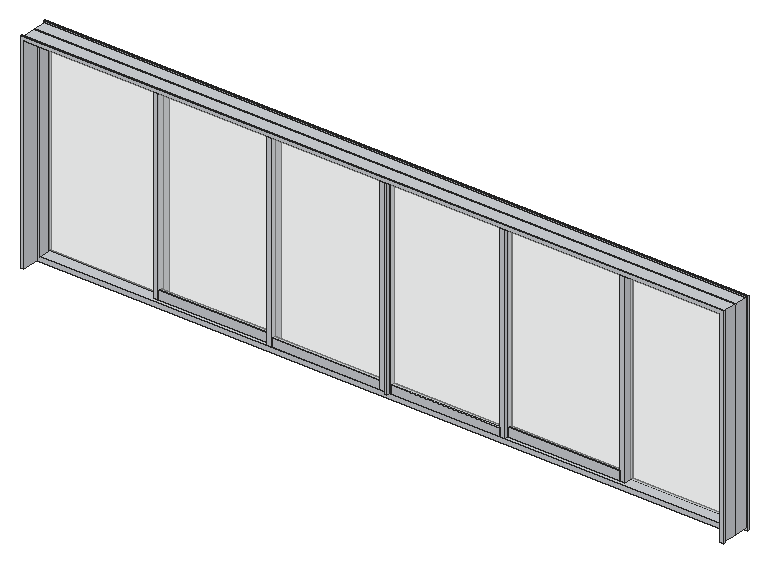
Revit family "APL Residential Thermal Heart Sliding Door FSSSSF", category Doors, host Wall, Revit 2017 (continued)
Definition of nested family "APL Residential Thermal Heart Sliding Door FSSSSF Horizontal Section"
  Definition of nested family "Jamb Multislider Fixed"
    Definition of nested family "65410_Frame"
      Lines and regions (mm)
        model lines, in view "Ref. Level"
          curve 427: line (81.684, -10.703, 0) -> (80.796, -8.263, 0)
          curve 428: line (80.42, -8, 0) -> (74.78, -8, 0)
          curve 429: line (74.404, -8.263, 0) -> (73.516, -10.703, 0)
          curve 430: line (72.621, -10.739, 0) -> (71.093, -9.854, 0)
          curve 431: line (70.893, -9.8, 0) -> (70.6, -9.8, 0)
          curve 432: line (70.2, -10.2, 0) -> (70.2, -13.6, 0)
          curve 433: arc (70.2, -18.4, 0) -> (70.317, -18.117, 0) -> (70.6, -18, 0) r 0.4
          curve 434: arc (70.893, -18, 0) -> (70.996, -18.014, 0) -> (71.093, -18.054, 0) r 0.4
          curve 435: arc (72.621, -18.939, 0) -> (72.911, -19.059, 0) -> (73.222, -19.1, 0) r 1.2
          curve 436: arc (74.145, -19.1, 0) -> (74.718, -19.281, 0) -> (75.084, -19.758, 0) r 1
          curve 437: arc (75.877, -21.937, 0) -> (76.024, -22.128, 0) -> (76.253, -22.2, 0) r 0.4
          curve 438: arc (78.947, -22.2, 0) -> (79.176, -22.128, 0) -> (79.323, -21.937, 0) r 0.4
          curve 439: arc (80.116, -19.758, 0) -> (80.482, -19.281, 0) -> (81.055, -19.1, 0) r 1
          curve 440: arc (81.978, -19.1, 0) -> (82.289, -19.059, 0) -> (82.579, -18.939, 0) r 1.2
          curve 441: arc (84.107, -18.054, 0) -> (84.204, -18.014, 0) -> (84.307, -18, 0) r 0.4
          curve 442: arc (84.6, -18, 0) -> (84.883, -18.117, 0) -> (85, -18.4, 0) r 0.4
          curve 443: arc (85, -21.8, 0) -> (84.883, -22.083, 0) -> (84.6, -22.2, 0) r 0.4
          curve 444: arc (84.307, -22.2, 0) -> (84.204, -22.186, 0) -> (84.107, -22.146, 0) r 0.4
          curve 445: arc (82.579, -21.262, 0) -> (82.285, -21.14, 0) -> (81.97, -21.1, 0) r 1.2
          curve 446: arc (81.97, -21.1, 0) -> (81.795, -21.153, 0) -> (81.684, -21.297, 0) r 0.3
          curve 447: arc (80.796, -23.737, 0) -> (80.649, -23.928, 0) -> (80.42, -24, 0) r 0.4
          curve 448: arc (74.78, -24, 0) -> (74.551, -23.928, 0) -> (74.404, -23.737, 0) r 0.4
          curve 449: arc (73.516, -21.297, 0) -> (73.405, -21.153, 0) -> (73.23, -21.1, 0) r 0.3
          curve 450: arc (73.23, -21.1, 0) -> (72.915, -21.14, 0) -> (72.621, -21.262, 0) r 1.2
          curve 451: arc (71.093, -22.146, 0) -> (70.996, -22.186, 0) -> (70.893, -22.2, 0) r 0.4
          curve 452: arc (70.6, -22.2, 0) -> (70.317, -22.083, 0) -> (70.2, -21.8, 0) r 0.4
          curve 453: line (70.6, -18, 0) -> (70.893, -18, 0)
          curve 454: line (71.093, -18.054, 0) -> (72.621, -18.939, 0)
          curve 455: line (73.222, -19.1, 0) -> (74.145, -19.1, 0)
          curve 456: line (75.084, -19.758, 0) -> (75.877, -21.937, 0)
          curve 457: line (76.253, -22.2, 0) -> (78.947, -22.2, 0)
          curve 458: line (79.323, -21.937, 0) -> (80.116, -19.758, 0)
          curve 459: line (81.055, -19.1, 0) -> (81.978, -19.1, 0)
          curve 460: line (82.579, -18.939, 0) -> (84.107, -18.054, 0)
          curve 461: line (84.307, -18, 0) -> (84.6, -18, 0)
          curve 462: line (85, -18.4, 0) -> (85, -21.8, 0)
          curve 463: line (84.6, -22.2, 0) -> (84.307, -22.2, 0)
          curve 464: line (84.107, -22.146, 0) -> (82.579, -21.262, 0)
          curve 465: line (81.684, -21.297, 0) -> (80.796, -23.737, 0)
          curve 466: line (80.42, -24, 0) -> (74.78, -24, 0)
          curve 467: line (74.404, -23.737, 0) -> (73.516, -21.297, 0)
          curve 468: line (72.621, -21.262, 0) -> (71.093, -22.146, 0)
          curve 469: line (70.893, -22.2, 0) -> (70.6, -22.2, 0)
          curve 470: line (70.2, -21.8, 0) -> (70.2, -18.4, 0)
          curve 471: arc (101.9, -10, 0) -> (102.042, -10.059, 0) -> (102.1, -10.2, 0) r 0.2
          curve 472: arc (102.1, -11.1, 0) -> (102.159, -11.241, 0) -> (102.3, -11.3, 0) r 0.2
          curve 473: arc (109.1, -11.3, 0) -> (109.454, -11.154, 0) -> (109.6, -10.8, 0) r 0.5
          curve 474: arc (109.6, -9.5, 0) -> (109.541, -9.359, 0) -> (109.4, -9.3, 0) r 0.2
          curve 475: arc (107.3, -9.3, 0) -> (107.159, -9.241, 0) -> (107.1, -9.1, 0) r 0.2
          curve 476: arc (107.1, -8.2, 0) -> (107.159, -8.059, 0) -> (107.3, -8, 0) r 0.2
          curve 477: arc (112.1, -8, 0) -> (112.454, -7.854, 0) -> (112.6, -7.5, 0) r 0.5
          curve 478: arc (112.6, 9.1, 0) -> (112.541, 9.241, 0) -> (112.4, 9.3, 0) r 0.2
          curve 479: arc (111.7, 9.3, 0) -> (111.559, 9.241, 0) -> (111.5, 9.1, 0) r 0.2
          curve 480: arc (111.5, 8.8, 0) -> (111, 8.3, 0) -> (110.5, 8.8, 0) r 0.5
          curve 481: arc (110.5, 11.35, 0) -> (111, 11.85, 0) -> (111.5, 11.35, 0) r 0.5
          curve 482: arc (111.5, 10.5, 0) -> (111.559, 10.359, 0) -> (111.7, 10.3, 0) r 0.2
          curve 483: arc (112.7, 10.3, 0) -> (112.841, 10.359, 0) -> (112.9, 10.5, 0) r 0.2
          curve 484: arc (112.9, 17.8, 0) -> (112.841, 17.941, 0) -> (112.7, 18, 0) r 0.2
          curve 485: arc (111.701, 18, 0) -> (111.559, 17.942, 0) -> (111.5, 17.8, 0) r 0.2
          curve 486: arc (111.5, 16.95, 0) -> (111, 16.45, 0) -> (110.5, 16.95, 0) r 0.5
          curve 487: arc (110.5, 18.5, 0) -> (110.646, 18.854, 0) -> (111, 19, 0) r 0.5
          curve 488: arc (116, 19, 0) -> (116.354, 18.854, 0) -> (116.5, 18.5, 0) r 0.5
          curve 489: arc (116.5, 16.95, 0) -> (116, 16.45, 0) -> (115.5, 16.95, 0) r 0.5
          curve 490: arc (115.5, 17.8, 0) -> (115.441, 17.941, 0) -> (115.3, 18, 0) r 0.2
          curve 491: arc (114.3, 18, 0) -> (114.159, 17.941, 0) -> (114.1, 17.8, 0) r 0.2
          curve 492: arc (114.1, 10.5, 0) -> (114.159, 10.359, 0) -> (114.3, 10.3, 0) r 0.2
          curve 493: arc (115.3, 10.3, 0) -> (115.441, 10.359, 0) -> (115.5, 10.5, 0) r 0.2
          curve 494: arc (115.5, 11.35, 0) -> (116, 11.85, 0) -> (116.5, 11.35, 0) r 0.5
          curve 495: arc (116.5, 8.8, 0) -> (116, 8.3, 0) -> (115.5, 8.8, 0) r 0.5
          curve 496: arc (115.5, 9.1, 0) -> (115.441, 9.241, 0) -> (115.3, 9.3, 0) r 0.2
          curve 497: arc (114.6, 9.3, 0) -> (114.459, 9.241, 0) -> (114.4, 9.1, 0) r 0.2
          curve 498: arc (114.4, -7.5, 0) -> (114.546, -7.854, 0) -> (114.9, -8, 0) r 0.5
          curve 499: arc (117.117, -8, 0) -> (117.422, -8.199, 0) -> (117.695, -7.957, 0) r 0.3
          curve 500: arc (117.695, -7.957, 0) -> (117.761, -7.819, 0) -> (117.887, -7.732, 0) r 0.3
          curve 501: arc (119.297, -7.218, 0) -> (119.583, -7.262, 0) -> (119.699, -7.526, 0) r 0.3
          curve 502: arc (119.492, -9.892, 0) -> (119.465, -9.992, 0) -> (119.405, -10.078, 0) r 0.3
          curve 503: arc (119.041, -10.441, 0) -> (118.848, -10.493, 0) -> (118.707, -10.352, 0) r 0.2
          curve 504: arc (118.662, -10.184, 0) -> (118.61, -10.095, 0) -> (118.521, -10.043, 0) r 0.2
          curve 505: arc (116.3, -9.5, 0) -> (116.02, -9.693, 0) -> (116.1, -10.024, 0) r 0.3
          curve 506: arc (116.1, -10.024, 0) -> (116.174, -10.125, 0) -> (116.2, -10.247, 0) r 0.3
          curve 507: arc (116.006, -14.25, 0) -> (116.042, -14.422, 0) -> (116.2, -14.5, 0) r 0.2
          curve 508: arc (116.721, -14.5, 0) -> (116.802, -14.489, 0) -> (116.877, -14.456, 0) r 0.3
          curve 509: arc (118.131, -13.691, 0) -> (118.128, -13.521, 0) -> (118.234, -13.389, 0) r 0.25
          curve 510: arc (118.32, -13.337, 0) -> (118.572, -13.332, 0) -> (118.7, -13.55, 0) r 0.25
          curve 511: arc (118.7, -15.126, 0) -> (118.618, -15.523, 0) -> (118.385, -15.854, 0) r 1
          curve 512: arc (118.385, -15.854, 0) -> (118.322, -16, 0) -> (118.385, -16.146, 0) r 0.2
          curve 513: arc (118.385, -16.146, 0) -> (118.618, -16.477, 0) -> (118.7, -16.874, 0) r 1
          curve 514: arc (118.7, -18.45, 0) -> (118.572, -18.668, 0) -> (118.32, -18.663, 0) r 0.25
          curve 515: arc (118.234, -18.611, 0) -> (118.128, -18.479, 0) -> (118.131, -18.309, 0) r 0.25
          curve 516: arc (116.877, -17.544, 0) -> (116.802, -17.511, 0) -> (116.721, -17.5, 0) r 0.3
          curve 517: arc (116.2, -17.5, 0) -> (116.042, -17.578, 0) -> (116.006, -17.75, 0) r 0.2
          curve 518: arc (116.2, -21.753, 0) -> (116.174, -21.875, 0) -> (116.1, -21.976, 0) r 0.3
          curve 519: arc (116.1, -21.976, 0) -> (116.02, -22.307, 0) -> (116.3, -22.5, 0) r 0.3
          curve 520: arc (118.521, -21.957, 0) -> (118.61, -21.905, 0) -> (118.662, -21.816, 0) r 0.2
          curve 521: arc (118.707, -21.648, 0) -> (118.848, -21.507, 0) -> (119.041, -21.559, 0) r 0.2
          curve 522: arc (119.405, -21.922, 0) -> (119.465, -22.008, 0) -> (119.492, -22.108, 0) r 0.3
          curve 523: arc (119.699, -24.474, 0) -> (119.583, -24.738, 0) -> (119.297, -24.782, 0) r 0.3
          curve 524: arc (117.887, -24.268, 0) -> (117.761, -24.181, 0) -> (117.695, -24.043, 0) r 0.3
          curve 525: arc (117.695, -24.043, 0) -> (117.422, -23.801, 0) -> (117.117, -24, 0) r 0.3
          curve 526: arc (114.8, -24, 0) -> (114.446, -23.854, 0) -> (114.3, -23.5, 0) r 0.5
          curve 527: arc (114.3, -19, 0) -> (114.241, -18.859, 0) -> (114.1, -18.8, 0) r 0.2
          curve 528: arc (105.3, -18.8, 0) -> (104.946, -18.654, 0) -> (104.8, -18.3, 0) r 0.5
          curve 529: arc (104.8, -17.8, 0) -> (104.946, -17.446, 0) -> (105.3, -17.3, 0) r 0.5
          curve 530: arc (106.727, -17.3, 0) -> (107.066, -17.167, 0) -> (107.226, -16.84, 0) r 0.5
          curve 531: arc (107.226, -16.84, 0) -> (107.712, -16.197, 0) -> (108.5, -16.366, 0) r 0.75
          curve 532: arc (108.5, -16.366, 0) -> (109.8, -16.9, 0) -> (111.1, -16.366, 0) r 1.85
          curve 533: arc (111.1, -16.366, 0) -> (111.242, -16.256, 0) -> (111.407, -16.183, 0) r 0.75
          curve 534: arc (111.407, -16.183, 0) -> (111.591, -16.08, 0) -> (111.716, -15.91, 0) r 0.5
          curve 535: arc (111.716, -15.91, 0) -> (111.9, -15.05, 0) -> (111.716, -14.19, 0) r 2.1
          curve 536: arc (111.716, -14.19, 0) -> (111.591, -14.02, 0) -> (111.407, -13.917, 0) r 0.5
          curve 537: arc (111.407, -13.917, 0) -> (111.242, -13.844, 0) -> (111.1, -13.734, 0) r 0.75
          curve 538: arc (111.1, -13.734, 0) -> (109.8, -13.2, 0) -> (108.5, -13.734, 0) r 1.85
          curve 539: arc (108.5, -13.734, 0) -> (107.831, -13.936, 0) -> (107.286, -13.5, 0) r 0.75
          curve 540: arc (107.286, -13.5, 0) -> (107.101, -13.282, 0) -> (106.827, -13.2, 0) r 0.5
          curve 541: arc (102.3, -13.2, 0) -> (101.25, -12.919, 0) -> (100.481, -12.15, 0) r 2.1
          curve 542: arc (100.481, -12.15, 0) -> (100.298, -11.967, 0) -> (100.048, -11.9, 0) r 0.5
          curve 543: arc (91.556, -11.9, 0) -> (91.287, -11.978, 0) -> (91.103, -12.188, 0) r 0.5
          curve 544: arc (91.103, -12.188, 0) -> (90.328, -13.071, 0) -> (89.2, -13.4, 0) r 2.1
          curve 545: arc (87.9, -13.4, 0) -> (87.193, -13.693, 0) -> (86.9, -14.4, 0) r 1
          curve 546: arc (86.9, -23.5, 0) -> (86.754, -23.854, 0) -> (86.4, -24, 0) r 0.5
          curve 547: arc (84.083, -24, 0) -> (83.778, -23.801, 0) -> (83.505, -24.043, 0) r 0.3
          curve 548: arc (83.505, -24.043, 0) -> (83.439, -24.181, 0) -> (83.313, -24.268, 0) r 0.3
          curve 549: arc (81.903, -24.782, 0) -> (81.617, -24.738, 0) -> (81.501, -24.474, 0) r 0.3
          curve 550: arc (81.708, -22.108, 0) -> (81.735, -22.008, 0) -> (81.795, -21.922, 0) r 0.3
          curve 551: arc (82.159, -21.559, 0) -> (82.352, -21.507, 0) -> (82.493, -21.648, 0) r 0.2
          curve 552: arc (82.538, -21.816, 0) -> (82.59, -21.905, 0) -> (82.679, -21.957, 0) r 0.2
          curve 553: arc (84.9, -22.5, 0) -> (85.18, -22.307, 0) -> (85.1, -21.976, 0) r 0.3
          curve 554: arc (85.1, -21.976, 0) -> (85.026, -21.875, 0) -> (85, -21.753, 0) r 0.3
          curve 555: arc (85.194, -17.75, 0) -> (85.158, -17.578, 0) -> (85, -17.5, 0) r 0.2
          curve 556: arc (84.479, -17.5, 0) -> (84.398, -17.511, 0) -> (84.323, -17.544, 0) r 0.3
          curve 557: arc (83.069, -18.309, 0) -> (83.072, -18.479, 0) -> (82.966, -18.611, 0) r 0.25
          curve 558: arc (82.88, -18.663, 0) -> (82.628, -18.668, 0) -> (82.5, -18.45, 0) r 0.25
          curve 559: arc (82.5, -16.874, 0) -> (82.582, -16.477, 0) -> (82.815, -16.146, 0) r 1
          curve 560: arc (82.815, -16.146, 0) -> (82.878, -16, 0) -> (82.815, -15.854, 0) r 0.2
          curve 561: arc (82.815, -15.854, 0) -> (82.582, -15.523, 0) -> (82.5, -15.126, 0) r 1
          curve 562: arc (82.5, -13.55, 0) -> (82.628, -13.332, 0) -> (82.88, -13.337, 0) r 0.25
          curve 563: arc (82.966, -13.389, 0) -> (83.072, -13.521, 0) -> (83.069, -13.691, 0) r 0.25
          curve 564: arc (84.323, -14.456, 0) -> (84.398, -14.489, 0) -> (84.479, -14.5, 0) r 0.3
          curve 565: arc (85, -14.5, 0) -> (85.158, -14.422, 0) -> (85.194, -14.25, 0) r 0.2
          curve 566: arc (85, -10.247, 0) -> (85.026, -10.125, 0) -> (85.1, -10.024, 0) r 0.3
          curve 567: arc (85.1, -10.024, 0) -> (85.18, -9.693, 0) -> (84.9, -9.5, 0) r 0.3
          curve 568: arc (82.679, -10.043, 0) -> (82.59, -10.095, 0) -> (82.538, -10.184, 0) r 0.2
          curve 569: arc (82.493, -10.352, 0) -> (82.352, -10.493, 0) -> (82.159, -10.441, 0) r 0.2
          curve 570: arc (81.795, -10.078, 0) -> (81.735, -9.992, 0) -> (81.708, -9.892, 0) r 0.3
          curve 571: arc (81.501, -7.526, 0) -> (81.617, -7.262, 0) -> (81.903, -7.218, 0) r 0.3
          curve 572: arc (83.313, -7.732, 0) -> (83.439, -7.819, 0) -> (83.505, -7.957, 0) r 0.3
          curve 573: arc (83.505, -7.957, 0) -> (83.778, -8.199, 0) -> (84.083, -8, 0) r 0.3
          curve 574: arc (86.7, -8, 0) -> (86.841, -8.059, 0) -> (86.9, -8.2, 0) r 0.2
          curve 575: arc (86.9, -11.3, 0) -> (86.959, -11.441, 0) -> (87.1, -11.5, 0) r 0.2
          curve 576: arc (89.2, -11.5, 0) -> (89.341, -11.441, 0) -> (89.4, -11.3, 0) r 0.2
          curve 577: arc (89.4, -10.2, 0) -> (89.459, -10.059, 0) -> (89.6, -10, 0) r 0.2
          curve 578: line (89.6, -10, 0) -> (95.4, -10, 0)
          curve 579: line (95.4, -10, 0) -> (95.8, -10.4, 0)
          curve 580: line (95.8, -10.4, 0) -> (96.2, -10, 0)
          curve 581: line (96.2, -10, 0) -> (101.9, -10, 0)
          curve 582: line (102.1, -10.2, 0) -> (102.1, -11.1, 0)
          curve 583: line (102.3, -11.3, 0) -> (109.1, -11.3, 0)
          curve 584: line (109.6, -10.8, 0) -> (109.6, -9.5, 0)
          curve 585: line (109.4, -9.3, 0) -> (107.3, -9.3, 0)
          curve 586: line (107.1, -9.1, 0) -> (107.1, -8.2, 0)
          curve 587: line (107.3, -8, 0) -> (112.1, -8, 0)
          curve 588: line (112.6, -7.5, 0) -> (112.6, 9.1, 0)
          curve 589: line (112.4, 9.3, 0) -> (111.7, 9.3, 0)
          curve 590: line (111.5, 9.1, 0) -> (111.5, 8.8, 0)
          curve 591: line (110.5, 8.8, 0) -> (110.5, 11.35, 0)
          curve 592: line (111.5, 11.35, 0) -> (111.5, 10.5, 0)
          curve 593: line (111.7, 10.3, 0) -> (112.7, 10.3, 0)
          curve 594: line (112.9, 10.5, 0) -> (112.9, 17.8, 0)
          curve 595: line (112.7, 18, 0) -> (111.701, 18, 0)
          curve 596: line (111.5, 17.8, 0) -> (111.5, 16.95, 0)
          curve 597: line (110.5, 16.95, 0) -> (110.5, 18.5, 0)
          curve 598: line (111, 19, 0) -> (116, 19, 0)
          curve 599: line (116.5, 18.5, 0) -> (116.5, 16.95, 0)
          curve 600: line (115.5, 16.95, 0) -> (115.5, 17.8, 0)
          curve 601: line (115.3, 18, 0) -> (114.3, 18, 0)
          curve 602: line (114.1, 17.8, 0) -> (114.1, 10.5, 0)
          curve 603: line (114.3, 10.3, 0) -> (115.3, 10.3, 0)
          curve 604: line (115.5, 10.5, 0) -> (115.5, 11.35, 0)
          curve 605: line (116.5, 11.35, 0) -> (116.5, 8.8, 0)
          curve 606: line (115.5, 8.8, 0) -> (115.5, 9.1, 0)
          curve 607: line (115.3, 9.3, 0) -> (114.6, 9.3, 0)
          curve 608: line (114.4, 9.1, 0) -> (114.4, -7.5, 0)
          curve 609: line (114.9, -8, 0) -> (117.117, -8, 0)
          curve 610: line (117.887, -7.732, 0) -> (119.297, -7.218, 0)
          curve 611: line (119.699, -7.526, 0) -> (119.492, -9.892, 0)
          curve 612: line (119.405, -10.078, 0) -> (119.041, -10.441, 0)
          curve 613: line (118.707, -10.352, 0) -> (118.662, -10.184, 0)
          curve 614: line (118.662, -10.184, 0) -> (116.532, -9.51, 0)
          curve 615: line (116.532, -9.51, 0) -> (116.3, -9.5, 0)
          curve 616: line (116.2, -10.247, 0) -> (116.2, -13.475, 0)
          curve 617: line (116.2, -13.475, 0) -> (116.006, -14.25, 0)
          curve 618: line (116.2, -14.5, 0) -> (116.721, -14.5, 0)
          curve 619: line (116.721, -14.5, 0) -> (118.131, -13.691, 0)
          curve 620: line (118.7, -13.55, 0) -> (118.7, -15.126, 0)
          curve 621: line (118.7, -16.874, 0) -> (118.7, -18.45, 0)
          curve 622: line (118.131, -18.309, 0) -> (116.877, -17.544, 0)
          curve 623: line (116.877, -17.544, 0) -> (116.2, -17.5, 0)
          curve 624: line (116.006, -17.75, 0) -> (116.194, -18.475, 0)
          curve 625: line (116.194, -18.475, 0) -> (116.2, -21.753, 0)
          curve 626: line (116.454, -22.5, 0) -> (118.521, -21.957, 0)
          curve 627: line (118.521, -21.957, 0) -> (118.707, -21.648, 0)
          curve 628: line (119.041, -21.559, 0) -> (119.405, -21.922, 0)
          curve 629: line (119.492, -22.108, 0) -> (119.699, -24.474, 0)
          curve 630: line (119.297, -24.782, 0) -> (117.887, -24.268, 0)
          curve 631: line (117.117, -24, 0) -> (114.8, -24, 0)
          curve 632: line (114.3, -23.5, 0) -> (114.3, -19, 0)
          curve 633: line (114.1, -18.8, 0) -> (105.3, -18.8, 0)
          curve 634: line (104.8, -18.3, 0) -> (104.8, -17.8, 0)
          curve 635: line (105.3, -17.3, 0) -> (106.727, -17.3, 0)
          curve 636: line (106.827, -13.2, 0) -> (102.3, -13.2, 0)
          curve 637: line (100.048, -11.9, 0) -> (91.556, -11.9, 0)
          curve 638: line (89.2, -13.4, 0) -> (87.9, -13.4, 0)
          curve 639: line (86.9, -14.4, 0) -> (86.9, -23.5, 0)
          curve 640: line (86.4, -24, 0) -> (84.083, -24, 0)
          curve 641: line (83.313, -24.268, 0) -> (81.903, -24.782, 0)
          curve 642: line (81.501, -24.474, 0) -> (81.708, -22.108, 0)
          curve 643: line (81.795, -21.922, 0) -> (82.159, -21.559, 0)
          curve 644: line (82.493, -21.648, 0) -> (82.538, -21.816, 0)
          curve 645: line (82.538, -21.816, 0) -> (84.668, -22.49, 0)
          curve 646: line (84.668, -22.49, 0) -> (84.9, -22.5, 0)
          curve 647: line (85, -21.753, 0) -> (85, -18.525, 0)
          curve 648: line (85, -18.525, 0) -> (85.194, -17.75, 0)
          curve 649: line (85, -17.5, 0) -> (84.479, -17.5, 0)
          curve 650: line (84.479, -17.5, 0) -> (83.069, -18.309, 0)
          curve 651: line (82.5, -18.45, 0) -> (82.5, -16.874, 0)
          curve 652: line (82.5, -15.126, 0) -> (82.5, -13.55, 0)
          curve 653: line (83.069, -13.691, 0) -> (84.323, -14.456, 0)
          curve 654: line (84.323, -14.456, 0) -> (85, -14.5, 0)
          curve 655: line (85.194, -14.25, 0) -> (85.006, -13.525, 0)
          curve 656: line (85.006, -13.525, 0) -> (85, -10.247, 0)
          curve 657: line (84.746, -9.5, 0) -> (82.679, -10.043, 0)
          curve 658: line (82.679, -10.043, 0) -> (82.493, -10.352, 0)
          curve 659: line (82.159, -10.441, 0) -> (81.795, -10.078, 0)
          curve 660: line (81.708, -9.892, 0) -> (81.501, -7.526, 0)
          curve 661: line (81.903, -7.218, 0) -> (83.313, -7.732, 0)
          curve 662: line (84.083, -8, 0) -> (86.7, -8, 0)
          curve 663: line (86.9, -8.2, 0) -> (86.9, -11.3, 0)
          curve 664: line (87.1, -11.5, 0) -> (89.2, -11.5, 0)
          curve 665: line (89.4, -11.3, 0) -> (89.4, -10.2, 0)
          curve 666: arc (159.4, 11.877, 0) -> (159.327, 11.95, 0) -> (159.3, 12.05, 0) r 0.2
          curve 667: arc (159.3, 16.25, 0) -> (159.327, 16.35, 0) -> (159.4, 16.423, 0) r 0.2
          curve 668: arc (159.4, 16.423, 0) -> (159.473, 16.496, 0) -> (159.5, 16.596, 0) r 0.2
          curve 669: arc (159.5, 17.8, 0) -> (159.441, 17.941, 0) -> (159.3, 18, 0) r 0.2
          curve 670: arc (157.701, 18, 0) -> (157.559, 17.942, 0) -> (157.5, 17.8, 0) r 0.2
          curve 671: arc (157.5, 16.95, 0) -> (157, 16.451, 0) -> (156.5, 16.95, 0) r 0.5
          curve 672: arc (156.5, 18.5, 0) -> (156.646, 18.854, 0) -> (157, 19, 0) r 0.499
          curve 673: arc (160.5, 19, 0) -> (160.847, 18.847, 0) -> (161, 18.5, 0) r 0.523
          curve 674: arc (161, -2.5, 0) -> (160.856, -2.856, 0) -> (160.5, -3, 0) r 0.493
          curve 675: arc (157.7, -3, 0) -> (157.558, -3.058, 0) -> (157.5, -3.2, 0) r 0.199
          curve 676: arc (157.5, -10.801, 0) -> (156.852, -12.441, 0) -> (155.258, -13.195, 0) r 2.399
          curve 677: arc (155.258, -13.195, 0) -> (154.878, -13.412, 0) -> (154.814, -13.844, 0) r 0.5
          curve 678: arc (154.814, -13.844, 0) -> (155, -15.047, 0) -> (154.816, -16.25, 0) r 4
          curve 679: arc (154.816, -16.25, 0) -> (154.89, -16.696, 0) -> (155.293, -16.9, 0) r 0.5
          curve 680: arc (155.5, -16.9, 0) -> (156.914, -17.486, 0) -> (157.5, -18.9, 0) r 2.001
          curve 681: arc (166.75, -22.5, 0) -> (167.501, -23.253, 0) -> (166.745, -24, 0) r 0.75
          curve 682: arc (157.5, -24, 0) -> (156.439, -23.561, 0) -> (156, -22.5, 0) r 1.5
          curve 683: arc (156, -19, 0) -> (155.941, -18.859, 0) -> (155.8, -18.8, 0) r 0.2
          curve 684: arc (146.5, -18.8, 0) -> (146.146, -18.654, 0) -> (146, -18.3, 0) r 0.5
          curve 685: arc (146, -17.8, 0) -> (146.146, -17.446, 0) -> (146.5, -17.3, 0) r 0.5
          curve 686: arc (147.927, -17.3, 0) -> (148.266, -17.167, 0) -> (148.426, -16.84, 0) r 0.5
          curve 687: arc (148.426, -16.84, 0) -> (148.912, -16.197, 0) -> (149.7, -16.366, 0) r 0.75
          curve 688: arc (149.7, -16.366, 0) -> (151, -16.9, 0) -> (152.3, -16.366, 0) r 1.85
          curve 689: arc (152.3, -16.366, 0) -> (152.442, -16.256, 0) -> (152.607, -16.183, 0) r 0.75
          curve 690: arc (152.607, -16.183, 0) -> (152.791, -16.08, 0) -> (152.916, -15.91, 0) r 0.5
          curve 691: arc (152.916, -15.91, 0) -> (153.1, -15.05, 0) -> (152.916, -14.19, 0) r 2.1
          curve 692: arc (152.916, -14.19, 0) -> (152.791, -14.02, 0) -> (152.607, -13.917, 0) r 0.5
          curve 693: arc (152.607, -13.917, 0) -> (152.442, -13.844, 0) -> (152.3, -13.734, 0) r 0.75
          curve 694: arc (152.3, -13.734, 0) -> (151, -13.2, 0) -> (149.7, -13.734, 0) r 1.85
          curve 695: arc (149.7, -13.734, 0) -> (149.027, -13.936, 0) -> (148.482, -13.491, 0) r 0.75
          curve 696: arc (148.482, -13.491, 0) -> (148.32, -13.284, 0) -> (148.075, -13.188, 0) r 0.5
          curve 697: arc (148.075, -13.188, 0) -> (147.154, -12.86, 0) -> (146.481, -12.15, 0) r 2.1
          curve 698: arc (146.481, -12.15, 0) -> (146.298, -11.967, 0) -> (146.048, -11.9, 0) r 0.5
          curve 699: arc (137.556, -11.9, 0) -> (137.287, -11.978, 0) -> (137.103, -12.188, 0) r 0.5
          curve 700: arc (137.103, -12.188, 0) -> (136.328, -13.071, 0) -> (135.2, -13.4, 0) r 2.1
          curve 701: arc (133.9, -13.4, 0) -> (133.193, -13.693, 0) -> (132.9, -14.4, 0) r 1
          curve 702: arc (132.9, -23.5, 0) -> (132.754, -23.854, 0) -> (132.4, -24, 0) r 0.5
          curve 703: arc (130.083, -24, 0) -> (129.778, -23.801, 0) -> (129.505, -24.043, 0) r 0.3
          curve 704: arc (129.505, -24.043, 0) -> (129.439, -24.181, 0) -> (129.313, -24.268, 0) r 0.3
          curve 705: arc (127.903, -24.782, 0) -> (127.617, -24.738, 0) -> (127.501, -24.474, 0) r 0.3
          curve 706: arc (127.708, -22.108, 0) -> (127.735, -22.008, 0) -> (127.795, -21.922, 0) r 0.3
          curve 707: arc (128.159, -21.559, 0) -> (128.352, -21.507, 0) -> (128.493, -21.648, 0) r 0.2
          curve 708: arc (128.538, -21.816, 0) -> (128.59, -21.905, 0) -> (128.679, -21.957, 0) r 0.2
          curve 709: arc (130.9, -22.5, 0) -> (131.18, -22.307, 0) -> (131.1, -21.976, 0) r 0.3
          curve 710: arc (131.1, -21.976, 0) -> (131.026, -21.875, 0) -> (131, -21.753, 0) r 0.3
          curve 711: arc (131.194, -17.75, 0) -> (131.158, -17.578, 0) -> (131, -17.5, 0) r 0.2
          curve 712: arc (130.479, -17.5, 0) -> (130.398, -17.511, 0) -> (130.323, -17.544, 0) r 0.3
          curve 713: arc (129.069, -18.309, 0) -> (129.072, -18.479, 0) -> (128.966, -18.611, 0) r 0.25
          curve 714: arc (128.88, -18.663, 0) -> (128.628, -18.668, 0) -> (128.5, -18.45, 0) r 0.25
          curve 715: arc (128.5, -16.874, 0) -> (128.582, -16.477, 0) -> (128.815, -16.146, 0) r 1
          curve 716: arc (128.815, -16.146, 0) -> (128.878, -16, 0) -> (128.815, -15.854, 0) r 0.2
          curve 717: arc (128.815, -15.854, 0) -> (128.582, -15.523, 0) -> (128.5, -15.126, 0) r 1
          curve 718: arc (128.5, -13.55, 0) -> (128.628, -13.332, 0) -> (128.88, -13.337, 0) r 0.25
          curve 719: arc (128.966, -13.389, 0) -> (129.072, -13.521, 0) -> (129.069, -13.691, 0) r 0.25
          curve 720: arc (130.323, -14.456, 0) -> (130.398, -14.489, 0) -> (130.479, -14.5, 0) r 0.3
          curve 721: arc (131, -14.5, 0) -> (131.158, -14.422, 0) -> (131.194, -14.25, 0) r 0.2
          curve 722: arc (131, -10.247, 0) -> (131.026, -10.125, 0) -> (131.1, -10.024, 0) r 0.3
          curve 723: arc (131.1, -10.024, 0) -> (131.18, -9.693, 0) -> (130.9, -9.5, 0) r 0.3
          curve 724: arc (128.679, -10.043, 0) -> (128.59, -10.095, 0) -> (128.538, -10.184, 0) r 0.2
          curve 725: arc (128.493, -10.352, 0) -> (128.352, -10.493, 0) -> (128.159, -10.441, 0) r 0.2
          curve 726: arc (127.795, -10.078, 0) -> (127.735, -9.992, 0) -> (127.708, -9.892, 0) r 0.3
          curve 727: arc (127.501, -7.526, 0) -> (127.617, -7.262, 0) -> (127.903, -7.218, 0) r 0.3
          curve 728: arc (129.313, -7.732, 0) -> (129.439, -7.819, 0) -> (129.505, -7.957, 0) r 0.3
          curve 729: arc (129.505, -7.957, 0) -> (129.778, -8.199, 0) -> (130.083, -8, 0) r 0.3
          curve 730: arc (132.7, -8, 0) -> (132.841, -8.059, 0) -> (132.9, -8.2, 0) r 0.2
          curve 731: arc (132.9, -11.3, 0) -> (132.959, -11.441, 0) -> (133.1, -11.5, 0) r 0.2
          curve 732: arc (135.2, -11.5, 0) -> (135.341, -11.441, 0) -> (135.4, -11.3, 0) r 0.2
          curve 733: arc (135.4, -10.2, 0) -> (135.459, -10.059, 0) -> (135.6, -10, 0) r 0.2
          curve 734: arc (147.9, -10, 0) -> (148.042, -10.059, 0) -> (148.1, -10.2, 0) r 0.2
          curve 735: arc (148.1, -11.1, 0) -> (148.159, -11.241, 0) -> (148.3, -11.3, 0) r 0.2
          curve 736: arc (155.1, -11.3, 0) -> (155.454, -11.154, 0) -> (155.6, -10.8, 0) r 0.5
          curve 737: arc (155.6, -9.5, 0) -> (155.541, -9.359, 0) -> (155.4, -9.3, 0) r 0.2
          curve 738: arc (153.3, -9.3, 0) -> (153.159, -9.241, 0) -> (153.1, -9.1, 0) r 0.2
          curve 739: arc (153.1, -8.2, 0) -> (153.159, -8.059, 0) -> (153.3, -8, 0) r 0.2
          curve 740: arc (155.5, -8, 0) -> (155.854, -7.854, 0) -> (156, -7.5, 0) r 0.5
          curve 741: arc (156, -1.2, 0) -> (156.146, -0.846, 0) -> (156.5, -0.7, 0) r 0.5
          curve 742: arc (157.3, -0.7, 0) -> (157.441, -0.759, 0) -> (157.5, -0.9, 0) r 0.2
          curve 743: arc (159.3, -1.7, 0) -> (159.441, -1.641, 0) -> (159.5, -1.5, 0) r 0.2
          curve 744: arc (159.5, 3.4, 0) -> (159.1, 3.8, 0) -> (159.5, 4.2, 0) r 0.4
          curve 745: arc (159.5, 9.1, 0) -> (159.441, 9.241, 0) -> (159.3, 9.3, 0) r 0.2
          curve 746: arc (157.5, 8.7, 0) -> (157.383, 8.417, 0) -> (157.1, 8.3, 0) r 0.4
          curve 747: arc (157, 8.3, 0) -> (156.646, 8.447, 0) -> (156.5, 8.8, 0) r 0.5
          curve 748: arc (156.5, 11.35, 0) -> (157, 11.85, 0) -> (157.5, 11.35, 0) r 0.5
          curve 749: arc (157.5, 10.5, 0) -> (157.559, 10.359, 0) -> (157.7, 10.3, 0) r 0.2
          curve 750: arc (159.3, 10.3, 0) -> (159.441, 10.359, 0) -> (159.5, 10.5, 0) r 0.2
          curve 751: line (159.3, 12.05, 0) -> (159.3, 16.25, 0)
          curve 752: line (159.5, 16.596, 0) -> (159.5, 17.8, 0)
          curve 753: line (159.3, 18, 0) -> (157.701, 18, 0)
          curve 754: line (157.5, 17.8, 0) -> (157.5, 16.95, 0)
          curve 755: line (156.5, 16.95, 0) -> (156.5, 18.5, 0)
          curve 756: line (157, 19, 0) -> (160.5, 19, 0)
          curve 757: line (161, 18.5, 0) -> (161, -2.5, 0)
          curve 758: line (160.5, -3, 0) -> (157.7, -3, 0)
          curve 759: line (157.5, -3.2, 0) -> (157.5, -10.801, 0)
          curve 760: line (155.293, -16.9, 0) -> (155.5, -16.9, 0)
          curve 761: line (157.5, -18.9, 0) -> (157.5, -22.5, 0)
          curve 762: line (157.5, -22.5, 0) -> (166.75, -22.5, 0)
          curve 763: line (166.745, -24, 0) -> (165, -24, 0)
          curve 764: line (165, -24, 0) -> (164.6, -23.6, 0)
          curve 765: line (164.6, -23.6, 0) -> (158.3, -23.6, 0)
          curve 766: line (158.3, -23.6, 0) -> (157.9, -24, 0)
          curve 767: line (157.9, -24, 0) -> (157.5, -24, 0)
          curve 768: line (156, -22.5, 0) -> (156, -19, 0)
          curve 769: line (155.8, -18.8, 0) -> (146.5, -18.8, 0)
          curve 770: line (146, -18.3, 0) -> (146, -17.8, 0)
          curve 771: line (146.5, -17.3, 0) -> (147.927, -17.3, 0)
          curve 772: line (146.048, -11.9, 0) -> (137.556, -11.9, 0)
          curve 773: line (135.2, -13.4, 0) -> (133.9, -13.4, 0)
          curve 774: line (132.9, -14.4, 0) -> (132.9, -23.5, 0)
          curve 775: line (132.4, -24, 0) -> (130.083, -24, 0)
          curve 776: line (129.313, -24.268, 0) -> (127.903, -24.782, 0)
          curve 777: line (127.501, -24.474, 0) -> (127.708, -22.108, 0)
          curve 778: line (127.795, -21.922, 0) -> (128.159, -21.559, 0)
          curve 779: line (128.493, -21.648, 0) -> (128.538, -21.816, 0)
          curve 780: line (128.538, -21.816, 0) -> (130.668, -22.49, 0)
          curve 781: line (130.668, -22.49, 0) -> (130.9, -22.5, 0)
          curve 782: line (131, -21.753, 0) -> (131, -18.525, 0)
          curve 783: line (131, -18.525, 0) -> (131.194, -17.75, 0)
          curve 784: line (131, -17.5, 0) -> (130.479, -17.5, 0)
          curve 785: line (130.479, -17.5, 0) -> (129.069, -18.309, 0)
          curve 786: line (128.5, -18.45, 0) -> (128.5, -16.874, 0)
          curve 787: line (128.5, -15.126, 0) -> (128.5, -13.55, 0)
          curve 788: line (129.069, -13.691, 0) -> (130.323, -14.456, 0)
          curve 789: line (130.323, -14.456, 0) -> (131, -14.5, 0)
          curve 790: line (131.194, -14.25, 0) -> (131, -13.5, 0)
          curve 791: line (131.006, -13.525, 0) -> (131, -10.247, 0)
          curve 792: line (130.746, -9.5, 0) -> (128.679, -10.043, 0)
          curve 793: line (128.679, -10.043, 0) -> (128.493, -10.352, 0)
          curve 794: line (128.159, -10.441, 0) -> (127.795, -10.078, 0)
          curve 795: line (127.708, -9.892, 0) -> (127.501, -7.526, 0)
          curve 796: line (127.903, -7.218, 0) -> (129.313, -7.732, 0)
          curve 797: line (130.083, -8, 0) -> (132.7, -8, 0)
          curve 798: line (132.9, -8.2, 0) -> (132.9, -11.3, 0)
          curve 799: line (133.1, -11.5, 0) -> (135.2, -11.5, 0)
          curve 800: line (135.4, -11.3, 0) -> (135.4, -10.2, 0)
          curve 801: line (135.6, -10, 0) -> (141.4, -10, 0)
          curve 802: line (141.4, -10, 0) -> (141.8, -10.4, 0)
          curve 803: line (141.8, -10.4, 0) -> (142.2, -10, 0)
          curve 804: line (142.2, -10, 0) -> (147.9, -10, 0)
          curve 805: line (148.1, -10.2, 0) -> (148.1, -11.1, 0)
          curve 806: line (148.3, -11.3, 0) -> (155.1, -11.3, 0)
          curve 807: line (155.6, -10.8, 0) -> (155.6, -9.5, 0)
          curve 808: line (155.4, -9.3, 0) -> (153.3, -9.3, 0)
          curve 809: line (153.1, -9.1, 0) -> (153.1, -8.2, 0)
          curve 810: line (153.3, -8, 0) -> (155.5, -8, 0)
          curve 811: line (156, -7.5, 0) -> (156, -1.2, 0)
          curve 812: line (156.5, -0.7, 0) -> (157.3, -0.7, 0)
          curve 813: line (157.5, -0.9, 0) -> (157.5, -1.7, 0)
          curve 814: line (157.5, -1.7, 0) -> (159.3, -1.7, 0)
          curve 815: line (159.5, -1.5, 0) -> (159.5, 3.4, 0)
          curve 816: line (159.5, 4.2, 0) -> (159.5, 9.1, 0)
          curve 817: line (159.3, 9.3, 0) -> (157.5, 9.3, 0)
          curve 818: line (157.5, 9.3, 0) -> (157.5, 8.7, 0)
          curve 819: line (156.5, 8.8, 0) -> (156.5, 11.35, 0)
          curve 820: line (157.5, 11.35, 0) -> (157.5, 10.5, 0)
          curve 821: line (157.7, 10.3, 0) -> (159.3, 10.3, 0)
          curve 822: line (159.5, 10.5, 0) -> (159.5, 11.704, 0)
          curve 823: arc (159.5, 11.704, 0) -> (159.473, 11.804, 0) -> (159.4, 11.877, 0) r 0.2
          curve 824: arc (116.2, -13.6, 0) -> (116.317, -13.883, 0) -> (116.6, -14, 0) r 0.4
          curve 825: arc (116.893, -14, 0) -> (116.996, -13.986, 0) -> (117.093, -13.946, 0) r 0.4
          curve 826: arc (118.621, -13.061, 0) -> (118.911, -12.941, 0) -> (119.222, -12.9, 0) r 1.2
          curve 827: arc (120.145, -12.9, 0) -> (120.718, -12.719, 0) -> (121.084, -12.242, 0) r 1
          curve 828: arc (121.877, -10.063, 0) -> (122.024, -9.872, 0) -> (122.253, -9.8, 0) r 0.4
          curve 829: arc (124.947, -9.8, 0) -> (125.176, -9.872, 0) -> (125.323, -10.063, 0) r 0.4
          curve 830: arc (126.116, -12.242, 0) -> (126.482, -12.719, 0) -> (127.055, -12.9, 0) r 1
          curve 831: arc (127.978, -12.9, 0) -> (128.289, -12.941, 0) -> (128.579, -13.061, 0) r 1.2
          curve 832: arc (130.107, -13.946, 0) -> (130.204, -13.986, 0) -> (130.307, -14, 0) r 0.4
          curve 833: arc (130.6, -14, 0) -> (130.883, -13.883, 0) -> (131, -13.6, 0) r 0.4
          curve 834: arc (131, -10.2, 0) -> (130.883, -9.917, 0) -> (130.6, -9.8, 0) r 0.4
          curve 835: arc (130.307, -9.8, 0) -> (130.204, -9.814, 0) -> (130.107, -9.854, 0) r 0.4
          curve 836: arc (128.579, -10.739, 0) -> (128.285, -10.86, 0) -> (127.97, -10.9, 0) r 1.2
          curve 837: arc (127.97, -10.9, 0) -> (127.795, -10.847, 0) -> (127.684, -10.703, 0) r 0.3
          curve 838: arc (126.796, -8.263, 0) -> (126.649, -8.072, 0) -> (126.42, -8, 0) r 0.4
          curve 839: arc (120.78, -8, 0) -> (120.551, -8.072, 0) -> (120.404, -8.263, 0) r 0.4
          curve 840: arc (119.516, -10.703, 0) -> (119.405, -10.847, 0) -> (119.23, -10.9, 0) r 0.3
          curve 841: arc (119.23, -10.9, 0) -> (118.915, -10.86, 0) -> (118.621, -10.739, 0) r 1.2
          curve 842: arc (117.093, -9.854, 0) -> (116.996, -9.814, 0) -> (116.893, -9.8, 0) r 0.4
          curve 843: arc (116.6, -9.8, 0) -> (116.317, -9.917, 0) -> (116.2, -10.2, 0) r 0.4
          curve 844: line (116.6, -14, 0) -> (116.893, -14, 0)
          curve 845: line (117.093, -13.946, 0) -> (118.621, -13.061, 0)
          curve 846: line (119.222, -12.9, 0) -> (120.145, -12.9, 0)
          curve 847: line (121.084, -12.242, 0) -> (121.877, -10.063, 0)
          curve 848: line (122.253, -9.8, 0) -> (124.947, -9.8, 0)
          curve 849: line (125.323, -10.063, 0) -> (126.116, -12.242, 0)
          curve 850: line (127.055, -12.9, 0) -> (127.978, -12.9, 0)
          curve 851: line (128.579, -13.061, 0) -> (130.107, -13.946, 0)
          curve 852: line (130.307, -14, 0) -> (130.6, -14, 0)
          curve 853: line (131, -13.6, 0) -> (131, -10.2, 0)
          curve 854: line (130.6, -9.8, 0) -> (130.307, -9.8, 0)
          curve 855: line (130.107, -9.854, 0) -> (128.579, -10.739, 0)
          curve 856: line (127.684, -10.703, 0) -> (126.796, -8.263, 0)
          curve 857: line (126.42, -8, 0) -> (120.78, -8, 0)
          curve 858: line (120.404, -8.263, 0) -> (119.516, -10.703, 0)
          curve 859: line (118.621, -10.739, 0) -> (117.093, -9.854, 0)
          curve 860: line (116.893, -9.8, 0) -> (116.6, -9.8, 0)
          curve 861: line (116.2, -10.2, 0) -> (116.2, -13.6, 0)
          curve 862: arc (116.2, -18.4, 0) -> (116.317, -18.117, 0) -> (116.6, -18, 0) r 0.4
          curve 863: arc (116.893, -18, 0) -> (116.996, -18.014, 0) -> (117.093, -18.054, 0) r 0.4
          curve 864: arc (118.621, -18.939, 0) -> (118.911, -19.059, 0) -> (119.222, -19.1, 0) r 1.2
          curve 865: arc (120.145, -19.1, 0) -> (120.718, -19.281, 0) -> (121.084, -19.758, 0) r 1
          curve 866: arc (121.877, -21.937, 0) -> (122.024, -22.128, 0) -> (122.253, -22.2, 0) r 0.4
          curve 867: arc (124.947, -22.2, 0) -> (125.176, -22.128, 0) -> (125.323, -21.937, 0) r 0.4
          curve 868: arc (126.116, -19.758, 0) -> (126.482, -19.281, 0) -> (127.055, -19.1, 0) r 1
          curve 869: arc (127.978, -19.1, 0) -> (128.289, -19.059, 0) -> (128.579, -18.939, 0) r 1.2
          curve 870: arc (130.107, -18.054, 0) -> (130.204, -18.014, 0) -> (130.307, -18, 0) r 0.4
          curve 871: arc (130.6, -18, 0) -> (130.883, -18.117, 0) -> (131, -18.4, 0) r 0.4
          curve 872: arc (131, -21.8, 0) -> (130.883, -22.083, 0) -> (130.6, -22.2, 0) r 0.4
          curve 873: arc (130.307, -22.2, 0) -> (130.204, -22.186, 0) -> (130.107, -22.146, 0) r 0.4
          curve 874: arc (128.579, -21.262, 0) -> (128.285, -21.14, 0) -> (127.97, -21.1, 0) r 1.2
          curve 875: arc (127.97, -21.1, 0) -> (127.795, -21.153, 0) -> (127.684, -21.297, 0) r 0.3
          curve 876: arc (126.796, -23.737, 0) -> (126.649, -23.928, 0) -> (126.42, -24, 0) r 0.4
          curve 877: arc (120.78, -24, 0) -> (120.551, -23.928, 0) -> (120.404, -23.737, 0) r 0.4
          curve 878: arc (119.516, -21.297, 0) -> (119.405, -21.153, 0) -> (119.23, -21.1, 0) r 0.3
          curve 879: arc (119.23, -21.1, 0) -> (118.915, -21.14, 0) -> (118.621, -21.262, 0) r 1.2
          curve 880: arc (117.093, -22.146, 0) -> (116.996, -22.186, 0) -> (116.893, -22.2, 0) r 0.4
          curve 881: arc (116.6, -22.2, 0) -> (116.317, -22.083, 0) -> (116.2, -21.8, 0) r 0.4
          curve 882: line (116.6, -18, 0) -> (116.893, -18, 0)
          curve 883: line (117.093, -18.054, 0) -> (118.621, -18.939, 0)
          curve 884: line (119.222, -19.1, 0) -> (120.145, -19.1, 0)
          curve 885: line (121.084, -19.758, 0) -> (121.877, -21.937, 0)
          curve 886: line (122.253, -22.2, 0) -> (124.947, -22.2, 0)
          curve 887: line (125.323, -21.937, 0) -> (126.116, -19.758, 0)
          curve 888: line (127.055, -19.1, 0) -> (127.978, -19.1, 0)
          curve 889: line (128.579, -18.939, 0) -> (130.107, -18.054, 0)
          curve 890: line (130.307, -18, 0) -> (130.6, -18, 0)
          curve 891: line (131, -18.4, 0) -> (131, -21.8, 0)
          curve 892: line (130.6, -22.2, 0) -> (130.307, -22.2, 0)
          curve 893: line (130.107, -22.146, 0) -> (128.579, -21.262, 0)
          curve 894: line (127.684, -21.297, 0) -> (126.796, -23.737, 0)
          curve 895: line (126.42, -24, 0) -> (120.78, -24, 0)
          curve 896: line (120.404, -23.737, 0) -> (119.516, -21.297, 0)
          curve 897: line (118.621, -21.262, 0) -> (117.093, -22.146, 0)
          curve 898: line (116.893, -22.2, 0) -> (116.6, -22.2, 0)
          curve 899: line (116.2, -21.8, 0) -> (116.2, -18.4, 0)
      Text (mm)
        text "65410" at (71.918, 37.65, 0), in view "Ref. Level"
  Definition of nested family "Jointer Stiles"
    Reference planes
      plane 1 "Center (Front/Back)": y = 0
      plane 2: z = 0
      plane 3 "Center (Left/Right)": x = -6.678
    Dimensions and locks
      locked: nested 2 to nested 1 at 6
      nested 2 to plane 3 "Center (Left/Right)" to nested 1 = 56 mm locked, 56.068 mm locked
    Nested families
      nested 1: "65540_Keeper Stile" at (22.383, 0, 0), type "65540_Keeper Stile", in view "Ref. Level"
      nested 2: "65530_Lock Stile" at (-9.464, -4.468, 0), type "65530_Lock Stile", in view "Ref. Level"
    Definition of nested family "65540_Keeper Stile"
      Reference planes
        plane 1 "Center (Front/Back)": y = 0
        plane 2: z = 0
        plane 3 "Center (Left/Right)": x = 0
      Lines and regions (mm)
        model lines, in view "Ref. Level"
          curve 1: arc (5.5, -46.899, 0) -> (6.207, -46.606, 0) -> (6.5, -45.899, 0) r 1
          curve 2: arc (6.5, -19.104, 0) -> (6.354, -18.75, 0) -> (6, -18.604, 0) r 0.5
          curve 3: arc (-6, -18.604, 0) -> (-6.354, -18.75, 0) -> (-6.5, -19.104, 0) r 0.5
          curve 4: arc (-6.5, -45.899, 0) -> (-6.207, -46.606, 0) -> (-5.5, -46.899, 0) r 1
          curve 5: arc (5.96, -14.379, 0) -> (5.908, -14.29, 0) -> (5.818, -14.238, 0) r 0.2
          curve 6: arc (5.651, -14.193, 0) -> (5.51, -14.052, 0) -> (5.561, -13.859, 0) r 0.2
          curve 7: arc (5.925, -13.495, 0) -> (6.01, -13.435, 0) -> (6.111, -13.408, 0) r 0.3
          curve 8: arc (8.477, -13.201, 0) -> (8.741, -13.317, 0) -> (8.785, -13.603, 0) r 0.3
          curve 9: arc (8.271, -15.013, 0) -> (8.184, -15.139, 0) -> (8.046, -15.205, 0) r 0.3
          curve 10: arc (8.046, -15.205, 0) -> (7.804, -15.478, 0) -> (8.003, -15.783, 0) r 0.3
          curve 11: arc (8.003, -17.6, 0) -> (8.149, -17.954, 0) -> (8.503, -18.1, 0) r 0.5
          curve 12: arc (20.603, -18.1, 0) -> (20.971, -17.962, 0) -> (21.125, -17.601, 0) r 0.5
          curve 13: arc (21.125, -17.2, 0) -> (20.979, -16.846, 0) -> (20.625, -16.7, 0) r 0.5
          curve 14: arc (19.875, -16.7, 0) -> (19.734, -16.641, 0) -> (19.675, -16.5, 0) r 0.2
          curve 15: arc (19.675, -15.9, 0) -> (19.734, -15.759, 0) -> (19.875, -15.7, 0) r 0.2
          curve 16: arc (22.975, -15.7, 0) -> (23.117, -15.759, 0) -> (23.175, -15.9, 0) r 0.2
          curve 17: arc (23.175, -16.5, 0) -> (23.117, -16.641, 0) -> (22.975, -16.7, 0) r 0.2
          curve 18: arc (22.625, -16.7, 0) -> (22.484, -16.759, 0) -> (22.425, -16.9, 0) r 0.2
          curve 19: arc (22.425, -17.5, 0) -> (22.484, -17.641, 0) -> (22.625, -17.7, 0) r 0.2
          curve 20: arc (22.975, -17.7, 0) -> (23.117, -17.759, 0) -> (23.175, -17.9, 0) r 0.2
          curve 21: arc (23.175, -17.901, 0) -> (23.234, -18.042, 0) -> (23.375, -18.101, 0) r 0.2
          curve 22: arc (24.975, -18.101, 0) -> (25.117, -18.042, 0) -> (25.175, -17.901, 0) r 0.2
          curve 23: arc (25.175, -17.9, 0) -> (25.234, -17.759, 0) -> (25.375, -17.7, 0) r 0.2
          curve 24: arc (25.725, -17.7, 0) -> (25.867, -17.641, 0) -> (25.925, -17.5, 0) r 0.2
          curve 25: arc (25.925, -16.9, 0) -> (25.867, -16.759, 0) -> (25.725, -16.7, 0) r 0.2
          curve 26: arc (25.375, -16.7, 0) -> (25.234, -16.641, 0) -> (25.175, -16.5, 0) r 0.2
          curve 27: arc (25.175, -15.9, 0) -> (25.234, -15.759, 0) -> (25.375, -15.7, 0) r 0.2
          curve 28: arc (26.805, -15.7, 0) -> (26.946, -15.759, 0) -> (27.005, -15.9, 0) r 0.2
          curve 29: arc (27.38, -19.151, 0) -> (27.755, -19.526, 0) -> (27.38, -19.901, 0) r 0.375
          curve 30: arc (8.2, -19.901, 0) -> (8.059, -19.96, 0) -> (8, -20.101, 0) r 0.2
          curve 31: arc (8, -45.899, 0) -> (6.828, -48.728, 0) -> (4, -49.899, 0) r 4
          curve 32: arc (-4, -49.899, 0) -> (-6.828, -48.728, 0) -> (-8, -45.899, 0) r 4
          curve 33: arc (-8, -20.104, 0) -> (-8.059, -19.962, 0) -> (-8.2, -19.904, 0) r 0.2
          curve 34: arc (-18.324, -19.904, 0) -> (-18.677, -19.757, 0) -> (-18.824, -19.404, 0) r 0.5
          curve 35: arc (-18.824, -18.929, 0) -> (-19.208, -17.927, 0) -> (-20.163, -17.438, 0) r 1.5
          curve 36: arc (-26.067, -16.801, 0) -> (-26.195, -16.736, 0) -> (-26.246, -16.602, 0) r 0.2
          curve 37: arc (-26.246, -15.982, 0) -> (-26.187, -15.841, 0) -> (-26.046, -15.782, 0) r 0.2
          curve 38: arc (-20.224, -15.782, 0) -> (-18.423, -16.383, 0) -> (-17.343, -17.944, 0) r 3
          curve 39: arc (-17.343, -17.944, 0) -> (-17.163, -18.204, 0) -> (-16.863, -18.304, 0) r 0.5
          curve 40: arc (-8.5, -18.304, 0) -> (-8.146, -18.157, 0) -> (-8, -17.804, 0) r 0.5
          curve 41: arc (-8, -15.782, 0) -> (-7.801, -15.477, 0) -> (-8.043, -15.205, 0) r 0.3
          curve 42: arc (-8.043, -15.205, 0) -> (-8.181, -15.138, 0) -> (-8.268, -15.013, 0) r 0.3
          curve 43: arc (-8.782, -13.602, 0) -> (-8.738, -13.317, 0) -> (-8.474, -13.2, 0) r 0.3
          curve 44: arc (-6.108, -13.407, 0) -> (-6.008, -13.434, 0) -> (-5.922, -13.494, 0) r 0.3
          curve 45: arc (-5.559, -13.858, 0) -> (-5.507, -14.051, 0) -> (-5.648, -14.192, 0) r 0.2
          curve 46: arc (-5.816, -14.237, 0) -> (-5.905, -14.289, 0) -> (-5.957, -14.379, 0) r 0.2
          curve 47: arc (-6.5, -16.599, 0) -> (-6.307, -16.879, 0) -> (-5.976, -16.799, 0) r 0.3
          curve 48: arc (-5.976, -16.799, 0) -> (-5.875, -16.725, 0) -> (-5.753, -16.699, 0) r 0.3
          curve 49: arc (-1.75, -16.893, 0) -> (-1.578, -16.857, 0) -> (-1.5, -16.699, 0) r 0.2
          curve 50: arc (-1.5, -16.178, 0) -> (-1.511, -16.097, 0) -> (-1.544, -16.022, 0) r 0.3
          curve 51: arc (-2.309, -14.768, 0) -> (-2.479, -14.771, 0) -> (-2.611, -14.665, 0) r 0.25
          curve 52: arc (-2.663, -14.579, 0) -> (-2.668, -14.327, 0) -> (-2.45, -14.199, 0) r 0.25
          curve 53: arc (-0.425, -14.199, 0) -> (-0.328, -14.225, 0) -> (-0.255, -14.295, 0) r 0.2
          curve 54: arc (-0.111, -14.531, 0) -> (0.06, -14.627, 0) -> (0.231, -14.531, 0) r 0.2
          curve 55: arc (0.287, -14.439, 0) -> (0.469, -14.264, 0) -> (0.714, -14.2, 0) r 0.5
          curve 56: arc (2.452, -14.2, 0) -> (2.671, -14.327, 0) -> (2.666, -14.58, 0) r 0.25
          curve 57: arc (2.614, -14.666, 0) -> (2.482, -14.772, 0) -> (2.312, -14.769, 0) r 0.25
          curve 58: arc (1.547, -16.023, 0) -> (1.514, -16.098, 0) -> (1.503, -16.179, 0) r 0.3
          curve 59: arc (1.503, -16.7, 0) -> (1.58, -16.858, 0) -> (1.753, -16.894, 0) r 0.2
          curve 60: line (6.5, -45.899, 0) -> (6.5, -19.104, 0)
          curve 61: line (6, -18.604, 0) -> (-6, -18.604, 0)
          curve 62: line (-6.5, -19.104, 0) -> (-6.5, -45.899, 0)
          curve 63: line (-5.5, -46.899, 0) -> (5.5, -46.899, 0)
          curve 64: line (6.503, -16.446, 0) -> (5.96, -14.379, 0)
          curve 65: line (5.96, -14.379, 0) -> (5.651, -14.193, 0)
          curve 66: line (5.561, -13.859, 0) -> (5.925, -13.495, 0)
          curve 67: line (6.111, -13.408, 0) -> (8.477, -13.201, 0)
          curve 68: line (8.785, -13.603, 0) -> (8.271, -15.013, 0)
          curve 69: line (8.003, -15.783, 0) -> (8.003, -17.6, 0)
          curve 70: line (8.503, -18.1, 0) -> (20.603, -18.1, 0)
          curve 71: line (21.125, -17.601, 0) -> (21.125, -17.2, 0)
          curve 72: line (20.625, -16.7, 0) -> (19.875, -16.7, 0)
          curve 73: line (19.675, -16.5, 0) -> (19.675, -15.9, 0)
          curve 74: line (19.875, -15.7, 0) -> (22.975, -15.7, 0)
          curve 75: line (23.175, -15.9, 0) -> (23.175, -16.5, 0)
          curve 76: line (22.975, -16.7, 0) -> (22.625, -16.7, 0)
          curve 77: line (22.425, -16.9, 0) -> (22.425, -17.5, 0)
          curve 78: line (22.625, -17.7, 0) -> (22.975, -17.7, 0)
          curve 79: line (23.375, -18.101, 0) -> (24.975, -18.101, 0)
          curve 80: line (25.375, -17.7, 0) -> (25.725, -17.7, 0)
          curve 81: line (25.925, -17.5, 0) -> (25.925, -16.9, 0)
          curve 82: line (25.725, -16.7, 0) -> (25.375, -16.7, 0)
          curve 83: line (25.175, -16.5, 0) -> (25.175, -15.9, 0)
          curve 84: line (25.375, -15.7, 0) -> (26.805, -15.7, 0)
          curve 85: line (27.005, -15.9, 0) -> (27.005, -19.151, 0)
          curve 86: line (27.005, -19.151, 0) -> (27.38, -19.151, 0)
          curve 87: line (27.38, -19.901, 0) -> (8.2, -19.901, 0)
          curve 88: line (8, -20.101, 0) -> (8, -45.899, 0)
          curve 89: line (4, -49.899, 0) -> (-4, -49.899, 0)
          curve 90: line (-8, -45.899, 0) -> (-8, -20.104, 0)
          curve 91: line (-8.2, -19.904, 0) -> (-18.324, -19.904, 0)
          curve 92: line (-18.824, -19.404, 0) -> (-18.824, -18.929, 0)
          curve 93: line (-20.163, -17.438, 0) -> (-26.067, -16.801, 0)
          curve 94: line (-26.246, -16.602, 0) -> (-26.246, -15.982, 0)
          curve 95: line (-26.046, -15.782, 0) -> (-20.224, -15.782, 0)
          curve 96: line (-16.863, -18.304, 0) -> (-8.5, -18.304, 0)
          curve 97: line (-8, -17.804, 0) -> (-8, -15.782, 0)
          curve 98: line (-8.268, -15.013, 0) -> (-8.782, -13.602, 0)
          curve 99: line (-8.474, -13.2, 0) -> (-6.108, -13.407, 0)
          curve 100: line (-5.922, -13.494, 0) -> (-5.559, -13.858, 0)
          curve 101: line (-5.648, -14.192, 0) -> (-5.816, -14.237, 0)
          curve 102: line (-5.816, -14.237, 0) -> (-6.49, -16.367, 0)
          curve 103: line (-6.49, -16.367, 0) -> (-6.5, -16.599, 0)
          curve 104: line (-5.753, -16.699, 0) -> (-2.525, -16.699, 0)
          curve 105: line (-2.525, -16.699, 0) -> (-1.75, -16.893, 0)
          curve 106: line (-1.5, -16.699, 0) -> (-1.5, -16.178, 0)
          curve 107: line (-1.5, -16.178, 0) -> (-2.309, -14.768, 0)
          curve 108: line (-2.45, -14.199, 0) -> (-0.425, -14.199, 0)
          curve 109: line (-0.255, -14.295, 0) -> (-0.111, -14.531, 0)
          curve 110: line (0.714, -14.2, 0) -> (2.452, -14.2, 0)
          curve 111: line (2.312, -14.769, 0) -> (1.547, -16.023, 0)
          curve 112: line (1.547, -16.023, 0) -> (1.503, -16.7, 0)
          curve 113: line (1.753, -16.894, 0) -> (2.503, -16.7, 0)
          curve 114: line (2.478, -16.706, 0) -> (5.756, -16.7, 0)
          curve 115: arc (5.756, -16.7, 0) -> (5.878, -16.726, 0) -> (5.979, -16.8, 0) r 0.3
          curve 116: arc (5.979, -16.8, 0) -> (6.31, -16.88, 0) -> (6.503, -16.6, 0) r 0.3
          curve 117: arc (-0.597, 0.001, 0) -> (-0.456, 0.059, 0) -> (-0.397, 0.201, 0) r 0.2
          curve 118: arc (-0.397, 12.7, 0) -> (-0.544, 13.054, 0) -> (-0.897, 13.2, 0) r 0.5
          curve 119: arc (-5.9, 13.2, 0) -> (-6.254, 13.054, 0) -> (-6.4, 12.7, 0) r 0.5
          curve 120: arc (-6.4, 0.203, 0) -> (-6.342, 0.06, 0) -> (-6.2, 0.001, 0) r 0.2
          curve 121: arc (8.003, -0.5, 0) -> (7.856, -0.147, 0) -> (7.503, 0, 0) r 0.502
          curve 122: arc (2.003, 0, 0) -> (1.646, 0.144, 0) -> (1.503, 0.5, 0) r 0.491
          curve 123: arc (1.503, 12.7, 0) -> (1.649, 13.054, 0) -> (2.003, 13.2, 0) r 0.5
          curve 124: arc (6, 13.2, 0) -> (6.966, 13.435, 0) -> (7.715, 14.088, 0) r 2.1
          curve 125: arc (7.715, 14.088, 0) -> (7.894, 14.244, 0) -> (8.124, 14.3, 0) r 0.5
          curve 126: arc (23.631, 14.3, 0) -> (23.789, 14.222, 0) -> (23.824, 14.048, 0) r 0.2
          curve 127: arc (23.423, 12.552, 0) -> (23.457, 12.378, 0) -> (23.616, 12.3, 0) r 0.2
          curve 128: arc (25.8, 12.538, 0) -> (25.918, 12.607, 0) -> (25.965, 12.735, 0) r 0.2
          curve 129: arc (26.807, 14, 0) -> (26.949, 14.059, 0) -> (27.007, 14.2, 0) r 0.201
          curve 130: arc (27.378, 15.35, 0) -> (27.753, 15.725, 0) -> (27.378, 16.1, 0) r 0.375
          curve 131: arc (8.2, 16.1, 0) -> (8.059, 16.159, 0) -> (8, 16.3, 0) r 0.2
          curve 132: arc (8, 42.105, 0) -> (6.828, 44.933, 0) -> (4, 46.105, 0) r 4
          curve 133: arc (-4, 46.105, 0) -> (-6.828, 44.933, 0) -> (-8, 42.105, 0) r 4
          curve 134: arc (-8, 16.3, 0) -> (-8.059, 16.159, 0) -> (-8.2, 16.1, 0) r 0.2
          curve 135: arc (-26.047, 16.1, 0) -> (-26.188, 16.041, 0) -> (-26.247, 15.9, 0) r 0.2
          curve 136: arc (-26.247, 15.699, 0) -> (-25.954, 14.992, 0) -> (-25.247, 14.699, 0) r 1
          curve 137: arc (-20.243, 14.413, 0) -> (-20.065, 14.403, 0) -> (-19.887, 14.4, 0) r 5
          curve 138: arc (-8.5, 14.4, 0) -> (-8.146, 14.254, 0) -> (-8, 13.9, 0) r 0.5
          curve 139: arc (-8, -2.816, 0) -> (-7.801, -3.122, 0) -> (-8.043, -3.394, 0) r 0.3
          curve 140: arc (-8.043, -3.394, 0) -> (-8.181, -3.46, 0) -> (-8.268, -3.586, 0) r 0.3
          curve 141: arc (-8.782, -4.997, 0) -> (-8.738, -5.282, 0) -> (-8.474, -5.398, 0) r 0.3
          curve 142: arc (-6.108, -5.191, 0) -> (-6.008, -5.164, 0) -> (-5.922, -5.104, 0) r 0.3
          curve 143: arc (-5.559, -4.741, 0) -> (-5.507, -4.547, 0) -> (-5.648, -4.406, 0) r 0.2
          curve 144: arc (-5.816, -4.361, 0) -> (-5.905, -4.309, 0) -> (-5.957, -4.22, 0) r 0.2
          curve 145: arc (-6.5, -1.999, 0) -> (-6.307, -1.719, 0) -> (-5.976, -1.799, 0) r 0.3
          curve 146: arc (-5.976, -1.799, 0) -> (-5.875, -1.873, 0) -> (-5.753, -1.899, 0) r 0.3
          curve 147: arc (-1.75, -1.706, 0) -> (-1.578, -1.741, 0) -> (-1.5, -1.899, 0) r 0.2
          curve 148: arc (-1.5, -2.42, 0) -> (-1.511, -2.502, 0) -> (-1.544, -2.577, 0) r 0.3
          curve 149: arc (-2.309, -3.83, 0) -> (-2.479, -3.827, 0) -> (-2.611, -3.934, 0) r 0.25
          curve 150: arc (-2.663, -4.019, 0) -> (-2.668, -4.272, 0) -> (-2.45, -4.399, 0) r 0.25
          curve 151: arc (-0.425, -4.399, 0) -> (-0.328, -4.374, 0) -> (-0.255, -4.303, 0) r 0.2
          curve 152: arc (-0.17, -4.164, 0) -> (0.001, -4.068, 0) -> (0.172, -4.164, 0) r 0.2
          curve 153: arc (0.257, -4.304, 0) -> (0.33, -4.374, 0) -> (0.428, -4.4, 0) r 0.2
          curve 154: arc (2.452, -4.4, 0) -> (2.671, -4.273, 0) -> (2.666, -4.02, 0) r 0.25
          curve 155: arc (2.614, -3.934, 0) -> (2.482, -3.828, 0) -> (2.312, -3.831, 0) r 0.25
          curve 156: arc (1.547, -2.577, 0) -> (1.514, -2.502, 0) -> (1.503, -2.421, 0) r 0.3
          curve 157: arc (1.503, -1.9, 0) -> (1.58, -1.742, 0) -> (1.753, -1.706, 0) r 0.2
          curve 158: arc (5.756, -1.9, 0) -> (5.878, -1.874, 0) -> (5.979, -1.8, 0) r 0.3
          curve 159: arc (5.979, -1.8, 0) -> (6.31, -1.72, 0) -> (6.503, -2, 0) r 0.3
          curve 160: arc (5.96, -4.221, 0) -> (5.908, -4.31, 0) -> (5.818, -4.362, 0) r 0.2
          curve 161: arc (5.651, -4.407, 0) -> (5.51, -4.548, 0) -> (5.561, -4.741, 0) r 0.2
          curve 162: arc (5.925, -5.105, 0) -> (6.01, -5.165, 0) -> (6.111, -5.192, 0) r 0.3
